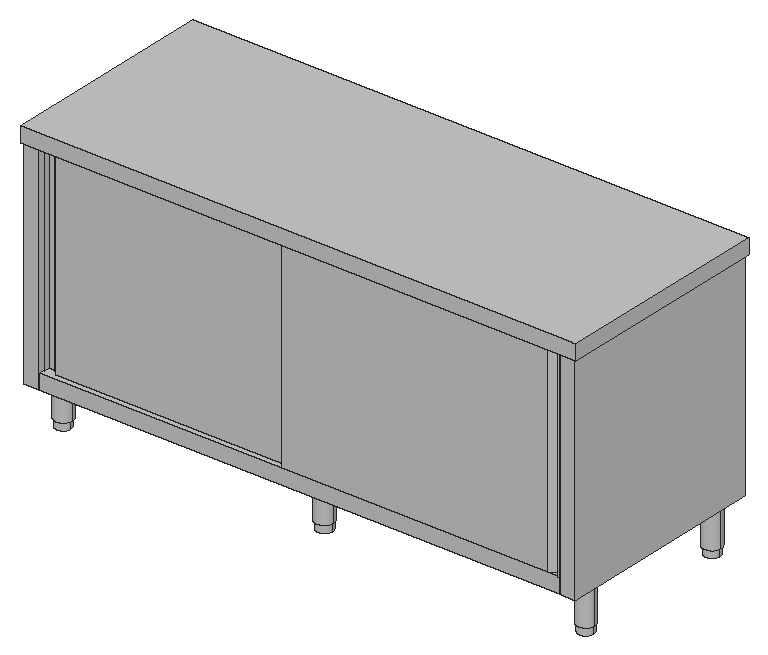
Revit family "QF_ELECTROLUXPROFESSIONAL_132774_MTN1800PN", category Specialty Equipment, Revit 2023
Family settings
  Round Connector Dimension = Use Diameter
  Part Type = Normal
  Work Plane-Based = No
  Enable Cutting in Views = No
  Always vertical = Yes
  Cut with Voids When Loaded = No
  Maintain Annotation Orientation = No
  Shared = No
  Room Calculation Point = No
Parameters (values of type "Standard")
  Weight = 70.00 kg
  Watts = 0 W
  Volts = 0 V
  URL Manufacturer = "http://www.electroluxprofessional.com"
  URL = "http://www.electroluxprofessional.com"
  Steam Supply Size = 0 mm
  Steam Supply Minimum Pressure = 0.0 Pa
  Steam Supply Maximum Pressure = 0.0 Pa
  Steam Consumption per Hour = 0
  Refrigeration Suction Line Size = 0.0 mm
  Refrigeration Liquid Line Size = 0.0 mm
  Refrigerant Compressor Remote = yes
  Default Elevation = 0.0 mm
  Manufacturer = "Electrolux Professional"
  Phase = 0
  Model = "MTN1800PN"
  Length Actual = 1800.0 mm
  Item Number = "132774"
  Hot Water Size = 0 mm
  Height Actual = 900.0 mm
  HP = "0 HP"
  Gas Size = 0 mm
  Gas KW = 0
  Gas Input Pressure = 0 W
  Direct Waste Size = 0 mm
  Description = "WORKTOP CUPB.+SHELF+SLIDING DOORS 1800MM"
  Depth Actual = 700.0 mm
  Cycle = 0 Hz
  Condensate Return Size = 0 mm
  Compressed Air Volume = 0.0 L/s
  Compressed Air Size = 0 mm
  Compressed Air Pressure = 0.0 Pa
  Cold Water Size = 0 mm
  Accessory = no
Reference planes
  plane 1 "Center (Front/Back)": y = 0
  plane 2: z = 0
  plane 3 "Center (Left/Right)": x = -400
  plane 4 "LEFT": x = -1300
  plane 5 "RIGHT": x = 500
  plane 6 "BACK": y = 350
  plane 7 "FRONT": y = -350
  plane 8 "Base": z = 850
  plane 9 "TOP": z = 900
  plane 10: x = -1246.9
  plane 11: x = 446.9
  plane 12: y = 270
  plane 13: y = -241.9
  plane 14 "BodyLeft": x = -1294.5
  plane 15 "BodyFront": y = -344.5
  plane 16 "BodyRight": x = 494.5
  plane 17 "BodyBack": y = 344.5
  plane 18 "FEET": z = 150
  plane 19: x = -344.5
  plane 20: x = -455.5
Forms (mm)
  Extrusion 1, solid, material "QF_Finishes_Stainless Steel"
    sketch origin (-400, 0, 0) x (0, 1, 0) y (0, 0, 1)
      loop
        line (-350, 850) -> (350, 850) -> (350, 900) -> (-350, 900) -> (-350, 850)
    from 900 to -900
  Extrusion 2, solid, material "QF_Finishes_Stainless Steel"
    sketch origin (0, 0, 150) x (-1, 0, 0) y (0, -1, 0)
      loop
        line (1294.5, -344.5) -> (1294.5, 344.5) -> (1244.5, 344.5) -> (1244.5, -344.5) -> (1294.5, -344.5)
      loop
        line (-444.5, -344.5) -> (-444.5, 344.5) -> (-494.5, 344.5) -> (-494.5, -344.5) -> (-444.5, -344.5)
    from 0 to 700
  Extrusion 3, solid, material "QF_Finishes_Stainless Steel"
    sketch origin (0, 0, 150) x (-1, 0, 0) y (0, -1, 0)
      loop
        line (1243.585, -344.5) -> (1243.585, 344.5) -> (-444.5, 344.5) -> (-444.5, -344.5) -> (1243.585, -344.5)
    from 0 to 50
  Extrusion 4, solid, material "QF_Finishes_Stainless Steel"
    sketch origin (0, 0, 150) x (-1, 0, 0) y (0, -1, 0)
      loop
        line (1243.585, -344.5) -> (1243.585, -294.5) -> (-444.5, -294.5) -> (-444.5, -344.5) -> (1243.585, -344.5)
    from 50 to 700
  Extrusion 5, solid, material "QF_Finishes_Stainless Steel"
    sketch origin (0, 0, 150) x (-1, 0, 0) y (0, -1, 0)
      loop
        line (-444.5, 344.5) -> (-444.5, 324.5) -> (455.5, 324.5) -> (455.5, 344.5) -> (-404.5, 344.5) -> (-424.5, 329.5) -> (-439.5, 329.5) -> (-439.5, 344.5) -> (-444.5, 344.5)
    from 50 to 700
  Extrusion 6, solid, material "QF_Finishes_Stainless Steel"
    sketch origin (0, 20, 150) x (1, 0, 0) y (0, 1, 0)
      loop
        line (-1244.5, -344.5) -> (-1239.5, -344.5) -> (-1239.5, -329.5) -> (-1224.5, -329.5) -> (-1204.5, -344.5) -> (-344.5, -344.5) -> (-344.5, -324.5) -> (-1244.5, -324.5) -> (-1244.5, -344.5)
    from 50 to 700
Lines and regions (mm)
  symbolic lines
    curve 1: line (500, 350, 900) -> (-1300, 350, 900)
    curve 2: line (-1300, 350, 900) -> (-1300, -350, 900)
    curve 3: line (-1300, -350, 900) -> (500, -350, 900)
    curve 4: line (500, -350, 900) -> (500, 350, 900)
  symbolic lines, style "SpecialityEquipmentHiddenLines"
    curve 5: line (-1294.5, 344.5, 150) -> (494.5, 344.5, 150)
    curve 6: line (-1294.5, -344.5, 150) -> (-1294.5, 344.5, 150)
    curve 7: line (494.5, -344.5, 150) -> (-1294.5, -344.5, 150)
    curve 8: line (494.5, 344.5, 150) -> (494.5, -344.5, 150)
    curve 9: line (-1244.5, -304.5, 150) -> (-344.5, -304.5, 150)
    curve 10: line (-344.5, -304.5, 150) -> (-344.5, -324.5, 150)
    curve 11: line (-1244.5, -324.5, 150) -> (444.5, -324.5, 150)
    curve 12: line (444.5, -324.5, 150) -> (444.5, -344.5, 150)
    curve 13: line (-455.5, -324.5, 150) -> (-455.5, -344.5, 150)
    curve 14: line (-1244.5, -304.5, 150) -> (-1244.5, -324.5, 150)
Dimensions and locks
  plane 4 "LEFT" to plane 5 "RIGHT" = 1800.0 mm
  equal spacing: plane 4 "LEFT", plane 3 "Center (Left/Right)", plane 5 "RIGHT"
  locked: plane 8 "Base" to level at 850
  plane 9 "TOP" to level = 900.0 mm
  plane 6 "BACK" to plane 7 "FRONT" = 700.0 mm
  equal spacing: plane 6 "BACK", plane 1 "Center (Front/Back)", plane 7 "FRONT"
  locked: plane 4 "LEFT" to plane 14 "BodyLeft" at 5.5
  locked: plane 16 "BodyRight" to plane 5 "RIGHT" at 5.5
  locked: plane 15 "BodyFront" to plane 7 "FRONT" at 5.5
  locked: plane 6 "BACK" to plane 17 "BodyBack" at 5.5
  locked: plane 14 "BodyLeft" to plane 10 at 47.6
  locked: plane 11 to plane 16 "BodyRight" at 47.6
  locked: plane 13 to plane 15 "BodyFront" at 102.6
  locked: plane 17 "BodyBack" to plane 12 at 74.5
  plane 10 to plane 11 = 1693.8 mm
  plane 12 to plane 13 = 511.9 mm
  locked: plane 14 "BodyLeft" to Extrusion 2 sketch curve at 50
  locked: Extrusion 2 sketch curve to Extrusion 2 sketch curve at 50
  Extrusion 3 to Extrusion 4 sketch curve = 50.0 mm
  Extrusion 2 to plane 19 = 900.0 mm
  plane 20 to Extrusion 2 = 900.0 mm
  locked: plane 18 "FEET" to level at 150
  aligned and locked: level to plane 2
  aligned and locked: plane 10 to nested 1
  aligned and locked: nested 1 to plane 13
  aligned and locked: plane 11 to nested 2
  aligned and locked: nested 2 to plane 13
  aligned and locked: plane 11 to nested 4
  aligned and locked: nested 4 to plane 12
  aligned and locked: plane 10 to nested 3
  aligned and locked: nested 3 to plane 12
  aligned and locked: Extrusion 1 to plane 4 "LEFT"
  aligned and locked: plane 5 "RIGHT" to Extrusion 1
  aligned and locked: curve 2 to plane 4 "LEFT"
  aligned and locked: plane 17 "BodyBack" to Extrusion 2 sketch curve
  aligned and locked: Extrusion 2 sketch curve to plane 15 "BodyFront"
  aligned and locked: Extrusion 2 sketch curve to plane 14 "BodyLeft"
  aligned and locked: plane 16 "BodyRight" to Extrusion 2 sketch curve
  aligned and locked: Extrusion 2 sketch curve to plane 17 "BodyBack"
  aligned and locked: plane 15 "BodyFront" to Extrusion 2 sketch curve
  aligned and locked: Extrusion 3 sketch curve to plane 17 "BodyBack"
  aligned and locked: plane 15 "BodyFront" to Extrusion 3 sketch curve
  aligned and locked: plane 8 "Base" to Extrusion 2
  aligned and locked: Extrusion 4 sketch curve to Extrusion 3
  aligned and locked: plane 8 "Base" to Extrusion 5
  aligned and locked: Extrusion 5 to Extrusion 3
  aligned and locked: Extrusion 6 sketch curve to plane 19
  aligned and locked: Extrusion 5 sketch curve to plane 20
  aligned and locked: Extrusion 1 to plane 8 "Base"
  aligned and locked: plane 9 "TOP" to Extrusion 1
  aligned and locked: curve 5 to plane 17 "BodyBack"
  aligned and locked: plane 14 "BodyLeft" to curve 6
  aligned and locked: plane 15 "BodyFront" to curve 7
  aligned and locked: plane 16 "BodyRight" to curve 8
  aligned and locked: plane 3 "Center (Left/Right)" to nested 5
  aligned and locked: plane 3 "Center (Left/Right)" to nested 6
Automatic sketch dimensions
  curve 3 to plane 7 "FRONT" = 0.0 mm
  curve 4 to plane 6 "BACK" = 0.0 mm
  Extrusion 1 sketch curve to plane 7 "FRONT" = 0.0 mm
  plane 9 "TOP" to Extrusion 1 sketch curve = 0.0 mm
  Extrusion 1 sketch curve to plane 6 "BACK" = 0.0 mm
  Extrusion 1 sketch curve to plane 8 "Base" = 0.0 mm
  Extrusion 5 sketch curve to plane 15 "BodyFront" = 0.0 mm  (x2)
  Extrusion 5 sketch curve to plane 11 = 2.4 mm
  Extrusion 5 sketch curve to Extrusion 5 sketch curve = 5.0 mm
  Extrusion 5 sketch curve to Extrusion 5 sketch curve = 15.0 mm
  Extrusion 5 sketch curve to Extrusion 5 sketch curve = 20.0 mm
  plane 15 "BodyFront" to Extrusion 5 sketch curve = 15.0 mm
  plane 15 "BodyFront" to Extrusion 5 sketch curve = 20.0 mm
  Extrusion 6 sketch curve to plane 15 "BodyFront" = 20.0 mm  (x2)
  Extrusion 6 sketch curve to plane 10 = 2.4 mm
  Extrusion 6 sketch curve to Extrusion 6 sketch curve = 5.0 mm
  Extrusion 6 sketch curve to Extrusion 6 sketch curve = 15.0 mm
  Extrusion 6 sketch curve to Extrusion 6 sketch curve = 20.0 mm  (x2)
  Extrusion 6 sketch curve to plane 15 "BodyFront" = 35.0 mm
  Extrusion 3 sketch curve to plane 11 = 2.4 mm
  plane 10 to Extrusion 3 sketch curve = 3.315 mm
  Extrusion 4 sketch curve to plane 11 = 2.4 mm
  plane 10 to Extrusion 4 sketch curve = 3.315 mm
  curve 10 to plane 19 = 0.0 mm
  curve 13 to plane 20 = 0.0 mm
  curve 11 to plane 11 = 2.4 mm
  plane 15 "BodyFront" to curve 9 = 40.0 mm
  curve 12 to curve 12 = 20.0 mm
  plane 10 to curve 14 = 2.4 mm
  curve 4 to plane 5 "RIGHT" = 0.0 mm
Nested families
  nested 1: "FEET_D58-150" at (-1246.9, -241.9, 0), type "FEET_D58-150"
  nested 2: "FEET_D58-150" at (446.9, -241.9, 0), type "FEET_D58-150"
  nested 3: "FEET_D58-150" at (-1246.9, 270, 0), type "FEET_D58-150"
  nested 4: "FEET_D58-150" at (446.9, 270, 0), type "FEET_D58-150"
  nested 5: "FEET_D58-150" at (-400, -241.9, 0), type "FEET_D58-150"
  nested 6: "FEET_D58-150" at (-400, 270, 0), type "FEET_D58-150"
Definition of nested family "FEET_D58-150"
  Parameters
    Default Elevation = 0.0 mm
    FEET = 150.0 mm
  Reference planes
    plane 1 "Center (Front/Back)": y = 0
    plane 2: z = 0
    plane 3 "Center (Left/Right)": x = 0
    plane 4: z = 150
  Forms (mm)
    Extrusion 1, solid
      sketch origin (0, 0, 0) x (1, 0, 0) y (0, 1, 0)
        loop
          circle (0, 0) r 25
      from 0 to 25
    Extrusion 2, solid
      sketch origin (0, 0, 0) x (1, 0, 0) y (0, 1, 0)
        loop
          circle (0.061, 0) r 29
      from 25 to 150 <- "FEET"
  Lines and regions (mm)
    symbolic lines
      curve 1: line (0, -1.503, 0) -> (0, 1.508, 0)
      curve 2: line (1.561, 0, 0) -> (-1.439, 0, 0)
  Dimensions and locks
    "FEET": plane 4 to plane 2
    aligned and locked: level to plane 2
  Automatic sketch dimensions
    plane 1 "Center (Front/Back)" to Extrusion 1 sketch curve = 0.0 mm
    Extrusion 1 sketch curve to plane 3 "Center (Left/Right)" = 0.0 mm
    plane 1 "Center (Front/Back)" to curve 2 = 0.0 mm
    curve 1 to plane 3 "Center (Left/Right)" = 0.0 mm
    curve 2 to plane 3 "Center (Left/Right)" = 1.439 mm
    plane 3 "Center (Left/Right)" to curve 2 = 1.561 mm
    plane 1 "Center (Front/Back)" to curve 1 = 1.503 mm
    curve 1 to plane 1 "Center (Front/Back)" = 1.508 mm
    plane 1 "Center (Front/Back)" to Extrusion 2 sketch curve = 0.0 mm
    plane 3 "Center (Left/Right)" to Extrusion 2 sketch curve = 0.061 mm
    radius of Extrusion 1 sketch curve = 25.0 mm
    radius of Extrusion 2 sketch curve = 29.0 mm
